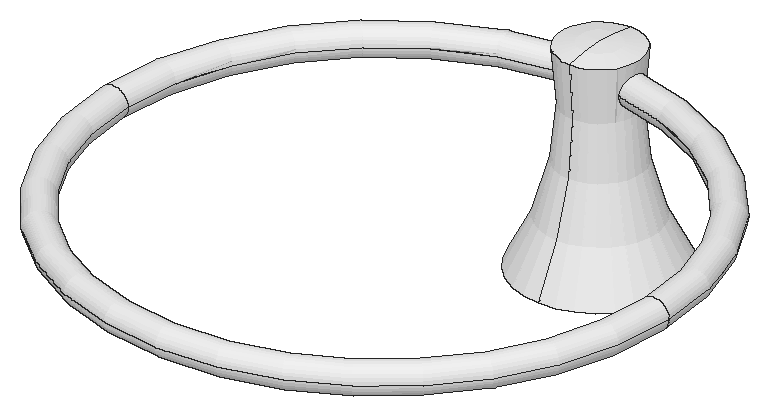
Revit family "Towel Ring-Wall-Caroma Elegance", category Specialty Equipment, host Face, Revit 2013
Parameters (values of type "Standard")
  URL = "http://www.caroma.com.au/"
  Type Comments = "Caroma Elegance Towel Ring"  # constant formula
  ModifiedIssue_ANZRS = 1  # constant formula
  Model = "631165C"  # constant formula
  Material_ANZRS = Metal-Chrome-Caroma
  Manufacturer = "GWA Bathrooms & Kitchens"  # constant formula
  Length_ANZRS = 184 mm  # constant formula
  Description = ""
  Default Elevation = 900 mm
  CreatedBy_ANZRS = "Design Content"  # constant formula
  CreatedByURL_ANZRS = "www.designcontent.com.au"
  Cost = 0
  Assembly Code = "C1030200"
Reference planes
  plane 1 "Center (Elevation)": y = 0
  plane 2 "Back": z = 0
  plane 3 "Center (Left/Right)": x = 0
  plane 4 "Left": x = -92
  plane 5 "Right": x = 92
  plane 6 "Front": z = 65
  plane 7 "Top": y = 24.966
  plane 8 "Bottom": y = -179.5
Forms (mm)
  Revolve 1, solid, material "Metal-Chrome-Caroma" <- "Material_ANZRS"
    sketch origin (0, 0, 0) x (0, 1, 0) y (0, 0, 1)
      loop
        line (0, 0) -> (24.966, 0)
        arc (24.966, 0) -> (12.798, 30.585) -> (12.448, 63.5) r 89.949
        arc (12.448, 63.5) -> (6.269, 64.624) -> (0, 65) r 52.397
        line (0, 65) -> (0, 0)
      axis (0, 65) -> (0, 0)
    angle from 0 to 360
  Sweep 2, solid, material "Metal-Chrome-Caroma" <- "Material_ANZRS"
    path origin (0, 0, 0) x (1, 0, 0) y (0, 1, 0)
      loop
        circle (0, -87.5) r 87.5
    profile origin (0, 0, 0) x (0, -1, 0) y (0, 0, 1)
      loop
        circle (0, 55) r 4.7
Cuts and joins
  joined: Revolve 1, Sweep 2
Dimensions and locks
  "Length_ANZRS": plane 4 "Left" to plane 5 "Right"
  plane 6 "Front" to level = 65 mm
  plane 4 "Left" to plane 3 "Center (Left/Right)" to plane 5 "Right" = 92 mm, 92 mm
  aligned and locked: plane 2 "Back" to host face
  aligned and locked: level to host face
Automatic sketch dimensions
  host sketch curve to host sketch curve = 2438.4 mm  (x2)
  Sweep 2 sketch curve to plane 3 "Center (Left/Right)" = 0 mm
  plane 1 "Center (Elevation)" to Sweep 2 sketch curve = 87.5 mm
  Revolve 1 sketch curve to plane 7 "Top" = 0 mm
  Revolve 1 sketch curve to plane 1 "Center (Elevation)" = 0 mm  (x2)
  Revolve 1 sketch curve to level = 0 mm
  Revolve 1 sketch curve to plane 6 "Front" = 0 mm
  Revolve 1 sketch curve to plane 6 "Front" = 1.5 mm
  Revolve 1 sketch curve to plane 6 "Front" = 17.017 mm
  Revolve 1 sketch curve to Revolve 1 sketch curve = 24.096 mm
  Revolve 1 sketch curve to Revolve 1 sketch curve = 7.879 mm
  Revolve 1 sketch curve to plane 1 "Center (Elevation)" = 12.448 mm
  Sweep 2 sketch curve to profile plane = 0 mm
  level to Sweep 2 sketch curve = 55 mm
  radius of Sweep 2 sketch curve = 87.5 mm
  radius of Sweep 2 sketch curve = 4.7 mm
